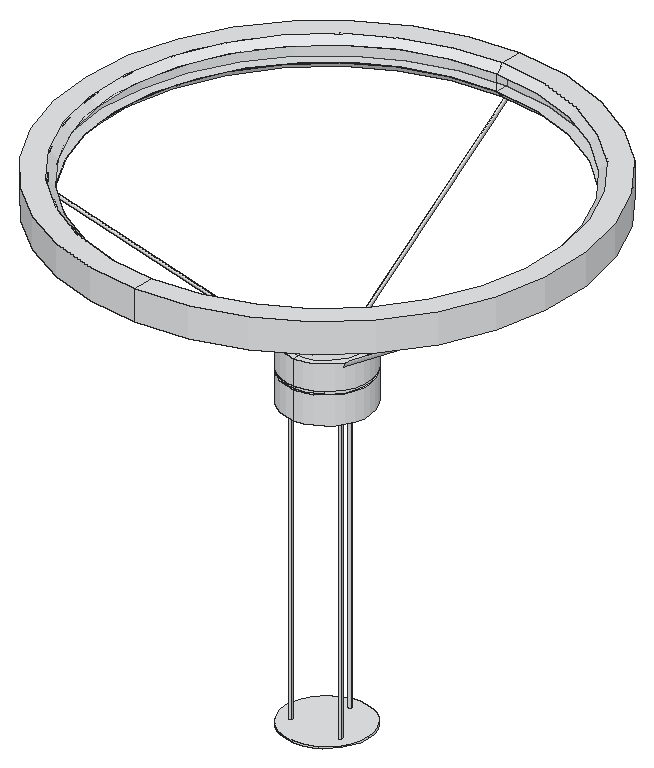
Revit family "32L-CR-P-D", category Lighting Fixtures, host Face, Revit 2014
Parameters (values of type "32L-CR40-P-D")
  Watts = 7 W
  Wattage = 7 W
  Warranty = "5 years Warranty"  # constant formula
  built-in parameter 1150110 = 1 (stored number, unit not read)
  Voltage = 120 V
  URL = "https://www.hubbell.com/litecontrol/en/"
  Type Comments = "Lighting Fixtures"  # constant formula
  built-in parameter 1114217 = 1 (stored number, unit not read)
  Tilt Angle = 90.00°
  built-in parameter 1150109 = 1 (stored number, unit not read)
  built-in parameter 1150134 = (empty or 0)
  built-in parameter 1150113 = 1 (stored number, unit not read)
  Product Page URL = "https://www.hubbell.com/litecontrol/en/Products/Lighting-Controls/Commercial-Indoor-Lighting/Pendant-Lighting/Inde-Pendant-32-LED-Cylinder-Ring-Pendant-Direct/p/2126526"
  Product Documentation Link = "https://hubbellcdn.com/specsheet/32L-CR-P-D.pdf"
  Power Factor = 1
  Photometric Web File = "32L-C-P-D-C1-AC1-30K-D055.IES"
  Photometric Notes = "More IES files downloaded in the Photometric Link"  # constant formula
  Photometric Link = "https://www.hubbell.com/litecontrol/en/Products/Lighting-Controls/Commercial-Indoor-Lighting/Pendant-Lighting/Inde-Pendant-32-LED-Cylinder-Ring-Pendant-Direct/p/2126526"
  Pendant Height = 2' - 0"
  Model = "32L-CR40-P-D"
  Material = Hubbell Paint White
  Manufacturer = "Lite Control"  # constant formula
  built-in parameter 1150105 = 82.744 (stored number, unit not read)
  Lumens = 1039.79 lm
  built-in parameter 1150115 = 1 (stored number, unit not read)
  Load Classification = Lighting
  built-in parameter 1150137 = (empty or 0)
  built-in parameter 1150139 = (empty or 0)
  built-in parameter 1150112 = 1 (stored number, unit not read)
  built-in parameter 1150114 = 1 (stored number, unit not read)
  Lamp = "LED"
  built-in parameter 1150132 = (empty or 0)
  built-in parameter 1150102 = (empty or 0)
  built-in parameter 1150107 = 3000 (stored number, unit not read)
  built-in parameter 1150138 = (empty or 0)
  built-in parameter 1150106 = 0.82744 (stored number, unit not read)
  Glass = Hubbell - Glass
  Emit from Circle Diameter = 0' - 6"
  Emit Shape Visible in Rendering = no
  built-in parameter 1150104 = 13.8 (stored number, unit not read)
  Dimming Lamp Color Temperature Shift = <None>
  Description = "Inde-Pendant 32 LED Cylinder & Ring Pendant Direct"  # constant formula
  Default Elevation = 4' - 0"
  Create Date = "05/18/2018"  # constant formula
  Copyright = "Copyright © 2017 Litecontrol"  # constant formula
  Contact Us = "https://www.hubbell.com/litecontrol/en/contactUs?productId=2126531"
  Color Filter = 16777215
  built-in parameter 1114218 = 1 (stored number, unit not read)
  built-in parameter 1150133 = 10 (stored number, unit not read)
  Assembly Code = "D5020210"
  Apparent Load = 0 VA
  Ring Option = 32L-CR40-P-D : 32L-CR40-P-D
Types (4): name | Model | Ring Option
  (no name) | "32L-CR40-P-D" | 32L-CR40-P-D : 32L-CR40-P-D
  32L-CR30-P-D | "32L-CR30-P-D" | 32L-CR30-P-D : 32L-CR30-P-D
  32L-CR20-P-D | "32L-CR20-P-D" | 32L-CR20-P-D : 32L-CR20-P-D
  32L-CR40-P-D | "32L-CR40-P-D" | 32L-CR40-P-D : 32L-CR40-P-D
Reference planes (in)
  plane 1 "Center (Front/Back)": y = 0
  plane 2: z = 0
  plane 3 "Center (Left/Right)": x = 0
  plane 4: z = 0
  plane 5: y = 10
  plane 6: y = -10
  plane 7: z = 24
  plane 8: z = 0.125
  plane 9: z = 29
Forms (in)
  Extrusion 1, solid, material "Hubbell Paint White" <- "Material"
    sketch origin (0, 0, 0) x (1, 0, 0) y (0, 1, 0)
      loop
        circle (0, 0) r 3.4
    from 0 to 0.125
  Extrusion 2, solid, material "Hubbell Paint White" <- "Material"
    sketch origin (0, 0, 0) x (1, 0, 0) y (0, 1, 0)
      loop
        circle (0, 2.39747) r 0.125
      loop
        circle (-2.07627, -1.19874) r 0.125
      loop
        circle (2.07627, -1.19874) r 0.125
    from 0.125 to 24
Dimensions and locks (in)
  equal spacing: plane 5, plane 1 "Center (Front/Back)", plane 6
  plane 5 to plane 6 = 1' - 8"
  plane 1 "Center (Front/Back)" to plane 5 = 0' - 10"
  "Pendant Height": plane 7 to plane 4
  locked: plane 8 to plane 4 at 0.125
  locked: plane 9 to plane 7 at 5
  aligned and locked: plane 2 to host face
  aligned and locked: level to host face
  aligned and locked: plane 1 "Center (Front/Back)" to imposter light
  aligned and locked: plane 2 to plane 4
  aligned and locked: plane 8 to Extrusion 1
  aligned and locked: plane 7 to Extrusion 2
  aligned and locked: Extrusion 1 to plane 2
  aligned and locked: Extrusion 2 to plane 8
  aligned and locked: nested 1 to plane 3 "Center (Left/Right)"
  aligned and locked: plane 1 "Center (Front/Back)" to nested 1
  aligned and locked: plane 9 to imposter light
  aligned and locked: imposter light to plane 3 "Center (Left/Right)"
Automatic sketch dimensions
  host sketch curve to host sketch curve = 8' - 0"  (x2)
  plane 1 "Center (Front/Back)" to Extrusion 1 sketch curve = 0' - 0"
  Extrusion 1 sketch curve to plane 3 "Center (Left/Right)" = 0' - 0"
  Extrusion 2 sketch curve to plane 3 "Center (Left/Right)" = 0' - 0"
  Extrusion 2 sketch curve to plane 3 "Center (Left/Right)" = 0' - 2.07627"
  plane 3 "Center (Left/Right)" to Extrusion 2 sketch curve = 0' - 2.07627"
  plane 1 "Center (Front/Back)" to Extrusion 2 sketch curve = 0' - 1.19874"  (x2)
  Extrusion 2 sketch curve to plane 1 "Center (Front/Back)" = 0' - 2.39747"
  radius of Extrusion 1 sketch curve = 0' - 3.4"
  radius of Extrusion 2 sketch curve = 0' - 0 1/8"  (x3)
Nested families (in)
  nested 1: "32L-CR40-P-D" at (0, 0, 24) x (0, -1, 0) z (0, 0, 1), type <- "Ring Option", type "32L-CR40-P-D"
Connectors (in)
  electrical at (0, 0, 0.125), driven by "Load Classification", driven by "Voltage", driven by "Apparent Load", driven by "Power Factor"
    settings: on Extrusion 1, index 1, voltage 120 V, apparent load 0 VA, apparent load phase1 0 VA, apparent load phase2 0 VA, apparent load phase3 0 VA, power factor 1, load classification "Lighting", number of poles 1, system type 30, power factor state 1, is connector primary yes, connector utility no, sub classification motor no, connector description "Electrical Connector"
Definition of nested family "32L-CR40-P-D"
  Parameters (values of type "32L-CR40-P-D")
    Wattage = 6 W
    built-in parameter 1150110 = 1 (stored number, unit not read)
    Voltage = 120 V
    URL = "http://www.litecontrol.com/"
    built-in parameter 1114217 = 1 (stored number, unit not read)
    Tilt Angle = 90.00°
    built-in parameter 1150109 = 1 (stored number, unit not read)
    built-in parameter 1150134 = (empty or 0)
    built-in parameter 1150113 = 1 (stored number, unit not read)
    Product Page URL = "http://www.litecontrol.com/products/independant_32_led_cylinder_ring_pendant_direct"
    Product Documentation Link = "http://cdn.litecontrol.com/content/products/specs/specs_files/32L-CR-P-D.pdf"
    Photometric Web File = "32L-R40-C1-AC1-35K-R030.IES"
    Pendant Height [instance] = 1' - 2.62"
    Model = "32L-CR40-P-D"  # constant formula
    Material = Hubbell Paint White
    Manufacturer Phone = "781-294-0100 "  # constant formula
    Manufacturer Fax = "781-293-2849"  # constant formula
    Manufacturer = "Lite Control"  # constant formula
    built-in parameter 1150105 = 70.924 (stored number, unit not read)
    Lumens = 891.252 lm
    built-in parameter 1150115 = 1 (stored number, unit not read)
    built-in parameter 1150137 = (empty or 0)
    built-in parameter 1150139 = (empty or 0)
    built-in parameter 1150112 = 1 (stored number, unit not read)
    built-in parameter 1150114 = 1 (stored number, unit not read)
    Lamp = "LED"
    built-in parameter 1150132 = (empty or 0)
    built-in parameter 1150102 = (empty or 0)
    built-in parameter 1150107 = 3000 (stored number, unit not read)
    built-in parameter 1150138 = (empty or 0)
    built-in parameter 1150106 = 0.70924 (stored number, unit not read)
    Glass = Hubbell - Glass
    Emit from Circle Diameter = 3' - 0"
    Emit Shape Visible in Rendering = no
    built-in parameter 1150104 = 13.8 (stored number, unit not read)
    Dimming Lamp Color Temperature Shift = (empty or 0)
    Description = "Inde-Pendant 32 LED Cylinder & Ring Pendant Direct"  # constant formula
    Default Elevation = 4' - 0"
    Color Filter = 16777215
    built-in parameter 1114218 = 1 (stored number, unit not read)
    built-in parameter 1150133 = 10 (stored number, unit not read)
    Assembly Code = "D5020210"
    Apparent Load = 0 VA
  Reference planes (in)
    plane 1 "Center (Front/Back)": y = 0
    plane 2: z = 0
    plane 3 "Center (Left/Right)": x = 0
    plane 4: z = 0
    plane 5: y = 10
    plane 6: y = -10
    plane 7: x = -20
    plane 8: x = 20
    plane 9: z = 4.6
    plane 10: z = 14.62
    plane 11: z = 17.09
  Forms (in)
    Extrusion 1, solid
      sketch origin (0, 0, 0) x (1, 0, 0) y (0, 1, 0)
        loop
          line (-48, 48) -> (-48, -48) -> (48, -48) -> (48, 48) -> (-48, 48)
      from 0 to -4.24227
    Revolve 2, solid, material "Hubbell Paint White" <- "Material"
      sketch origin (0, 0, 0) x (1, 0, 0) y (0, 0, 1)
        loop
          line (0, 4.6) -> (-3.405, 4.6) -> (-3.405, 2.57) -> (-3.26438, 2.57) -> (-3.26438, 2.3) -> (-3.405, 2.3) -> (-3.405, 0) -> (0, 0) -> (0, 4.6)
        loop
          line (-20, 14.62) -> (-18.25, 14.62) -> (-17.67862, 15.19138) -> (-18.67862, 15.19138) -> (-18.67862, 16.51862) -> (-17.67862, 16.51862) -> (-18.25, 17.09) -> (-20, 17.09) -> (-20, 14.62)
        axis (0, 17.09) -> (0, 0)
      angle from 0 to 360
    Extrusion 3, solid, material "Hubbell - Glass" <- "Glass"
      sketch origin (0, 0, 4.6) x (0, 1, 0) y (-1, 0, 0)
        loop
          circle (0, 0) r 3
      from 0 to 0.44646
    Revolve 4, solid, material "Hubbell Paint White" <- "Material"
      sketch origin (11.89005, 0, 5.14155) x (0.978148, 0, 0.207912) y (-0.207912, 0, 0.978148)
        loop
          line (-28.77945, 16.02931) -> (-14.7962, 2.04605) -> (-14.70781, 2.13444) -> (-28.69107, 16.11769) -> (-28.77945, 16.02931)
        axis (-28.69107, 16.11769) -> (-14.70781, 2.13444)
      angle from 0 to 360
    Revolve 5, solid, material "Hubbell Paint White" <- "Material"
      sketch origin (-5.94503, -10.29709, 5.14155) x (-0.489074, -0.847101, 0.207912) y (0.103956, 0.180057, 0.978148)
        loop
          line (-28.77945, 16.02931) -> (-14.7962, 2.04605) -> (-14.70781, 2.13444) -> (-28.69107, 16.11769) -> (-28.77945, 16.02931)
        axis (-28.69107, 16.11769) -> (-14.70781, 2.13444)
      angle from 0 to 360
    Revolve 6, solid, material "Hubbell Paint White" <- "Material"
      sketch origin (-5.94503, 10.29709, 5.14155) x (-0.489074, 0.847101, 0.207912) y (0.103956, -0.180057, 0.978148)
        loop
          line (-28.77945, 16.02931) -> (-14.7962, 2.04605) -> (-14.70781, 2.13444) -> (-28.69107, 16.11769) -> (-28.77945, 16.02931)
        axis (-28.69107, 16.11769) -> (-14.70781, 2.13444)
      angle from 0 to 360
    Revolve 7, solid, material "Hubbell - Glass" <- "Glass"
      sketch origin (0, 0, 0) x (1, 0, 0) y (0, 0, 1)
        loop
          line (-17.67862, 16.51862) -> (-18.67862, 16.51862) -> (-18.67862, 15.19138) -> (-17.67862, 15.19138) -> (-17.67862, 16.51862)
        axis (0, 16.51862) -> (0, 15.19138)
      angle from 0 to 360
  Dimensions and locks (in)
    equal spacing: plane 7, plane 3 "Center (Left/Right)", plane 8
    plane 7 to plane 8 = 3' - 4"
    equal spacing: plane 5, plane 1 "Center (Front/Back)", plane 6
    plane 5 to plane 6 = 1' - 8"
    plane 1 "Center (Front/Back)" to plane 5 = 0' - 10"
    locked: plane 9 to plane 4 at 4.6
    locked: plane 10 to plane 4 at 14.62
    locked: plane 11 to plane 10 at 2.47
    "Pendant Height": plane 10 to plane 2
    aligned and locked: plane 2 to Extrusion 1
    aligned and locked: level to Extrusion 1
    aligned and locked: plane 9 to Revolve 2 sketch curve
    aligned and locked: plane 11 to Revolve 2 sketch curve
    aligned and locked: Revolve 2 sketch curve to plane 10
    aligned and locked: plane 3 "Center (Left/Right)" to imposter light
  Automatic sketch dimensions
    Extrusion 1 sketch curve to Extrusion 1 sketch curve = 8' - 0"  (x2)
    Revolve 4 sketch curve to Revolve 4 sketch curve = 0' - 0.24087"
    Revolve 4 sketch curve to Revolve 4 sketch curve = 0' - 0.08839"  (x2)
    Revolve 4 sketch curve to Revolve 4 sketch curve = 0' - 10.93586"
    Revolve 4 sketch curve to Revolve 4 sketch curve = 0' - 2.95901"
    Revolve 4 sketch curve to Revolve 4 sketch curve = 0' - 0.15248"
    Revolve 4 sketch curve to Revolve 4 sketch curve = 0' - 3.04739"
    Revolve 5 sketch curve to Revolve 5 sketch curve = 0' - 0.24087"
    Revolve 5 sketch curve to Revolve 5 sketch curve = 0' - 0.08839"  (x2)
    Revolve 5 sketch curve to Revolve 5 sketch curve = 0' - 10.93586"
    Revolve 5 sketch curve to Revolve 5 sketch curve = 0' - 2.95901"
    Revolve 5 sketch curve to Revolve 5 sketch curve = 0' - 0.15248"
    Revolve 5 sketch curve to Revolve 5 sketch curve = 0' - 3.04739"
    Revolve 6 sketch curve to Revolve 6 sketch curve = 0' - 0.24087"
    Revolve 6 sketch curve to Revolve 6 sketch curve = 0' - 0.08839"  (x2)
    Revolve 6 sketch curve to Revolve 6 sketch curve = 0' - 10.93586"
    Revolve 6 sketch curve to Revolve 6 sketch curve = 0' - 2.95901"
    Revolve 6 sketch curve to Revolve 6 sketch curve = 0' - 0.15248"
    Revolve 6 sketch curve to Revolve 6 sketch curve = 0' - 3.04739"
    plane 10 to Revolve 4 sketch curve = 0' - 0.21699"
    plane 7 to Revolve 4 sketch curve = 0' - 0.40682"
    plane 10 to Revolve 5 sketch curve = 0' - 0.21699"
    plane 10 to Revolve 6 sketch curve = 0' - 0.21699"
    Revolve 2 sketch curve to plane 7 = 0' - 0"
    Revolve 2 sketch curve to level = 0' - 0"  (x2)
    Revolve 2 sketch curve to plane 3 "Center (Left/Right)" = 0' - 0"  (x2)
    level to Revolve 2 sketch curve = 0' - 2.3"
    Revolve 2 sketch curve to plane 11 = 0' - 0.57138"
    plane 7 to Revolve 2 sketch curve = 0' - 1.32138"
    Revolve 2 sketch curve to Revolve 2 sketch curve = 0' - 0.42862"  (x2)
    Revolve 2 sketch curve to plane 3 "Center (Left/Right)" = 0' - 3.405"
    Revolve 2 sketch curve to Revolve 2 sketch curve = 0' - 0"
    Revolve 2 sketch curve to Revolve 2 sketch curve = 0' - 0 9/64"
    Revolve 2 sketch curve to Revolve 2 sketch curve = 0' - 0.27"
    plane 10 to Revolve 2 sketch curve = 0' - 0.57138"
    plane 11 to Revolve 2 sketch curve = 0' - 8.91"
    plane 7 to Revolve 2 sketch curve = 0' - 2.32138"
    Revolve 2 sketch curve to Revolve 2 sketch curve = 0' - 0.57138"
    plane 7 to Revolve 7 sketch curve = 0' - 1.32138"
    plane 10 to Revolve 7 sketch curve = 0' - 0.57138"
    Revolve 7 sketch curve to plane 3 "Center (Left/Right)" = 0' - 0"
    Revolve 7 sketch curve to Revolve 7 sketch curve = 0' - 1"
    Revolve 7 sketch curve to Revolve 7 sketch curve = 0' - 1.32723"
    Revolve 7 sketch curve to plane 10 = 0' - 6.10138"
    plane 10 to Revolve 7 sketch curve = 0' - 9.64862"
    radius of Extrusion 3 sketch curve to Revolve 2 = 0' - 0.405"
